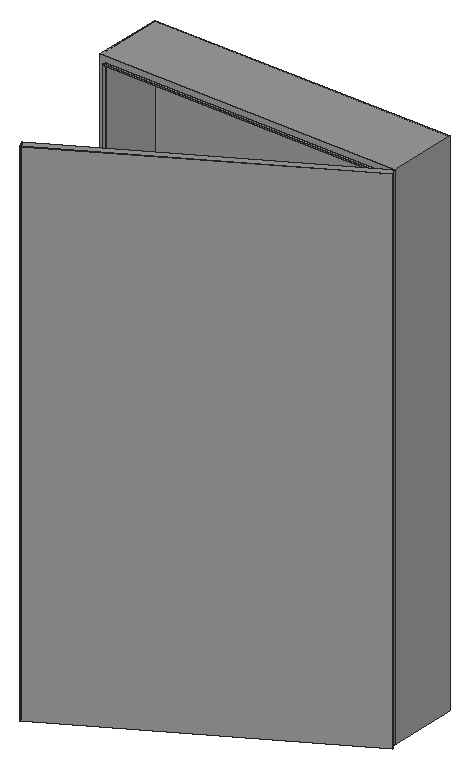
Revit family "Hager-Univers-IP54-D205-H1400-Cl.I-Encl-NoHosted-CH-en", category Equipement électrique, Revit 2020
Family settings
  Configuration du panneau = Deux colonnes, circuits au sein
  Cote de connecteur circulaire = Utiliser le diamètre
  Type d'élément = Tableau de raccordement
  Basée sur le plan de construction = Oui
  Toujours verticalement = Oui
  Couper avec des vides une fois chargée = Non
  Partagée = Non
  Point de calcul de pièce = Non
Parameters (values of type "Surface mounted (plaster) IP54 W800 H1400 D205  - FP93TW2")
  Width Control [instance] = if([EF000008 - Width] > Min Width, [EF000008 - Width], Min Width)  # 800 mm
  Commentaires du type = [HG000003 - Range]  # "Univers"
  Thickness Door [instance] = if([EF009171 - Material plate thickness door/cover] > 3 mm, 3 mm, [EF009171 - Material plate thickness door/cover])  # 1 mm
  Seal Frame Offset [instance] = 17 mm  # constant formula
  Plinth Visibility [instance] = [HG000027 - Plinth height] > 0 mm  # no
  Min Width [instance] = 100 mm  # constant formula
  Min Depth [instance] = (2 * [EF009170 - Material plate thickness cabinet]) + 1 mm  # 3 mm
  Min Height [instance] = 100 mm  # constant formula
  Internal Frame Depth [instance] = (Door System Depth * 0.5)  # 9 mm
  Panel Name [instance] = ""  # (empty or 0)
  Model = ""
  HG000027 - Plinth height = 0 mm
  HG000026 - Floor standing = no
  HG000024 - Bottom section height = 600 mm
  HG000023 - Double section enclosure = no
  HG000016 - Door 3d visibility [instance] = yes
  HG000015 - Clearance visibility [instance] = no
  HG000014 - Door on the right [instance] = yes
  HG000013 - Door on the left [instance] = not([HG000014 - Door on the right])  # no
  HG000012 - Door swing angle [instance] = 30.00°
  HG000010 - Asymmetric doors = no
  HG000009 - Double swing door = no
  HG000006 - Flush mounted = no
  HG000004 - Manufacturer reference = "FP93TW2"
  HG000003 - Range = "Univers"
  HG000002 - With door or cover = yes
  Frame Offset Bottom [instance] = 10 mm  # constant formula
  Frame Offset [instance] = 15 mm  # constant formula
  EF015940 - Cover with overpressure release = no
  EF011959 - Degree of protection (NEMA) = ""
  EF009554 - Number of openings for flange plates = 6
  EF009212 - Cover model = "EV000116 - Closed"
  EF009171 - Material plate thickness door/cover = 1 mm
  EF009170 - Material plate thickness cabinet = 1 mm
  EF008873 - Nominal current (In) = 250 A
  EF007800 - Suitable for lightning protection = no
  EF006306 - With lock = no
  EF006244 - Transparent cover/door = no
  EF005474 - Degree of protection (IP) = "EV006419 - IP54"
  EF004464 - Type of door = "EV002646 - Single"
  EF004427 - Number of modules = 324
  EF004293 - Impact strength = "EV006815 - IK09"
  EF003532 - Suitable for outdoor use = no
  EF002950 - Width in number of modular spacings = 36
  EF001613 - Circuit integrity = "EV000494 - None"
  EF001596 - Material housing = "EV000179 - Steel"
  EF001131 - Internal depth = 130 mm
  EF001088 - Extension possible = yes
  EF000437 - Number of conduit inlets = 6
  EF000339 - Type of cover = "EV001012 - Cover"
  EF000266 - Number of rows = 9
  EF000218 - Built-in depth = 205 mm
  EF000118 - With mounting plate = no
  EF000116 - RAL-number = "9010"
  EF000049 - Depth = 205 mm
  EF000040 - Height = 1400 mm
  EF000008 - Width = 800 mm
  EF000007 - Colour = "EV000202 - White"
  EF000003 - Mounting method = "EV000384 - Surface mounted (plaster)"
  Door System Leaf Tolerance [instance] = 1.5 mm  # constant formula
  Door System Depth [instance] = 18 mm  # constant formula
  Door Height [instance] = Height Control - [HG000027 - Plinth height]  # 1400 mm
  Description = ""
  Default Elevation = 1219.2 mm
  Connector Offset [instance] = Height Control / 2  # 700 mm
  Fabricant = "Hager"  # constant formula
  Height Control [instance] = if([EF000040 - Height] > Min Height, [EF000040 - Height], Min Height)  # 1400 mm
  Depth Control [instance] = if([EF000049 - Depth] > Min Depth, [EF000049 - Depth], Min Depth)  # 205 mm
  Bottom Top Plate Trim [instance] = 1.5 mm  # constant formula
  Plinth height Ctrl [instance] = if([HG000027 - Plinth height] > 0 mm, [HG000027 - Plinth height], 12 mm)  # 12 mm
Types (5, lengths in mm): name | Width Control | HG000009 - Double swing door | HG000004 - Manufacturer reference | EF009554 - Number of openings for flange plates | EF004464 - Type of door | EF004427 - Number of modules | EF002950 - Width in number of modular spacings | EF000437 - Number of conduit inlets | EF000008 - Width
  Surface mounted (plaster) IP54 W1050 H1400 D205  - FP94TW2 | 1050 | no | "FP94TW2" | 8 | "EV003602 - Double" | 432 | 48 | 8 | 1050
  Surface mounted (plaster) IP54 W1300 H1400 D205  - FP95TW2 | 1300 | yes | "FP95TW2" | 10 | "EV003602 - Double" | 540 | 60 | 10 | 1300
  Surface mounted (plaster) IP54 W300 H1400 D205  - FP91TW2 | 300 | no | "FP91TW2" | 2 | "EV002646 - Single" | 108 | 12 | 2 | 300
  Surface mounted (plaster) IP54 W550 H1400 D205  - FP92TW2 | 550 | no | "FP92TW2" | 4 | "EV002646 - Single" | 216 | 24 | 4 | 550
  Surface mounted (plaster) IP54 W800 H1400 D205  - FP93TW2 | 800 | no | "FP93TW2" | 6 | "EV002646 - Single" | 324 | 36 | 6 | 800
Reference planes
  plane 1 "Center (Front/Back)": y = 0
  plane 2: z = 0
  plane 3 "Center (Left/Right)": x = 0
  plane 4: y = 0
  plane 5: y = 0
  plane 6: z = 0
  plane 7: x = -400
  plane 8: x = 400
  plane 9: x = 399
  plane 10: x = -399
  plane 11: z = 0
  plane 12: z = 1
  plane 13: y = -205
  plane 14: y = -1
  plane 15: x = 0
  plane 16: y = -187
  plane 17: y = -204
  plane 18: y = -186
  plane 19: x = -384
  plane 20: x = 384
  plane 21: z = 11
  plane 22: x = -383
  plane 23: x = 383
  plane 24: z = 0
  plane 25: z = 1400
  plane 26: z = 1400
  plane 27: z = 1384
  plane 28: z = 1399
Forms (mm)
  Extrusion 1, solid, material "Hager_Steel_RAL7035_Light_Grey", detail levels medium+fine
    sketch origin (-208.679, -4572, 0) x (-1, 0, 0) y (0, -1, 0)
      loop
        line (191.321, -4385) -> (-608.679, -4385) -> (-608.679, -4572) -> (191.321, -4572) -> (191.321, -4385)
    from 0 to 1400
  Extrusion 2, void
    sketch origin (-350.771, -205, 1219.2) x (1, 0, 0) y (0, 0, 1)
      loop
        line (-48.229, 179.8) -> (-48.229, -1218.2) -> (749.771, -1218.2) -> (749.771, 179.8) -> (-48.229, 179.8)
    from -19 to -204
  Extrusion 3, void
    sketch origin (-290.084, -187, 1219.2) x (1, 0, 0) y (0, 0, 1)
      loop
        line (-93.916, -1208.2) -> (674.084, -1208.2) -> (674.084, 164.8) -> (-93.916, 164.8) -> (-93.916, -1208.2)
    from 0 to -1
  Extrusion 4, solid, material "Hager_Steel_RAL7035_Light_Grey", visible <- "Plinth Visibility", detail levels medium+fine
    sketch origin (0, 0, 0) x (1, 0, 0) y (0, 1, 0)
      loop
        line (-400, 0) -> (-400, -187) -> (400, -187) -> (400, 0) -> (-400, 0)
    from 0 to 12 <- "Plinth height Ctrl"
  Extrusion 5, solid, material "Hager_Steel_RAL7035_Light_Grey", detail levels coarse
    sketch origin (0, 0, 0) x (1, 0, 0) y (0, 1, 0)
      loop
        line (-400, 0) -> (-400, -205) -> (400, -205) -> (400, 0) -> (-400, 0)
    from 0 to 1400 <- "Height Control"
  Sweep 6, void
    path in 3D
      loop
        line (-400, -187, 12) -> (400, -187, 12) -> (400, 0, 12) -> (-400, 0, 12) -> (-400, -187, 12)
    profile origin (-400, -93.5, 12) x (1, 0, 0) y (0, 0, 1)
      loop
        line (0, 0) -> (0, -1.5) -> (1.5, -1.5)
        arc (1.5, -1.5) -> (1.061, -0.439) -> (0, 0) r 1.5
  Extrusion 7, solid, material "Hager_Steel_RAL7035_Light_Grey", detail levels fine
    sketch origin (-400, -187, 0) x (1, 0, 0) y (0, 0, 1)
      loop
        line (16, 11) -> (784, 11) -> (784, 1384) -> (16, 1384) -> (16, 11)
      loop
        line (15, 10) -> (785, 10) -> (785, 1385) -> (15, 1385) -> (15, 10)
    from 0 to 9 <- "Internal Frame Depth"
Cuts and joins
  Extrusion 2, Extrusion 3 cuts Extrusion 1
  Sweep 6 cuts Extrusion 4
Lines and regions (mm)
  Masking region 1
    outline origin (0, 0, 0) x (1, 0, 0) y (0, 1, 0)
      loop
        line (-400, 0) -> (-400, -205) -> (400, -205) -> (400, 0) -> (-400, 0)
  Masking region 2, detail levels coarse
    outline origin (-290.084, -187, 1219.2) x (-1, 0, 0) y (0, 0, 1)
      loop
        line (-690.084, -1219.2) -> (109.916, -1219.2) -> (109.916, 180.8) -> (-690.084, 180.8) -> (-690.084, -1219.2)
  Masking region 3, detail levels coarse
    outline origin (0, 0, 0) x (0, 1, 0) y (0, 0, 1)
      loop
        line (0, 0) -> (0, 1400) -> (-205, 1400) -> (-205, 0) -> (0, 0)
  Masking region 4, visible <- "Plinth Visibility", detail levels medium+fine
    outline origin (0, 0, 0) x (0, 1, 0) y (0, 0, 1)
      loop
        line (-1.5, 12) -> (-185.5, 12)
        arc (-185.5, 12) -> (-185.939, 10.939) -> (-187, 10.5) r 1.5
        line (-187, 10.5) -> (-187, 0) -> (0, 0) -> (0, 10.5)
        arc (0, 10.5) -> (-1.061, 10.939) -> (-1.5, 12) r 1.5
  Masking region 5, detail levels medium+fine
    outline origin (0, 0, 594.038) x (0, 1, 0) y (0, 0, 1)
      loop
        line (0, -594.038) -> (0, 805.962) -> (-187, 805.962) -> (-187, -594.038) -> (0, -594.038)
  Masking region 6, detail levels medium+fine
    outline origin (-359.7, -187, 1211.883) x (-1, 0, 0) y (0, 0, 1)
      loop
        line (-759.7, -1211.883) -> (40.3, -1211.883) -> (40.3, 188.117) -> (-759.7, 188.117) -> (-759.7, -1211.883)
  Masking region 7, visible <- "Plinth Visibility", detail levels medium+fine
    outline origin (-320.334, -187, 1041.368) x (-1, 0, 0) y (0, 0, 1)
      loop
        line (-720.334, -1041.368) -> (79.666, -1041.368) -> (79.666, -1030.868)
        arc (79.666, -1030.868) -> (78.606, -1030.429) -> (78.166, -1029.368) r 1.5
        line (78.166, -1029.368) -> (-718.834, -1029.368)
        arc (-718.834, -1029.368) -> (-719.273, -1030.429) -> (-720.334, -1030.868) r 1.5
        line (-720.334, -1030.868) -> (-720.334, -1041.368)
  sketch lines
    curve 1: line (-400, 0, 12) -> (-400, -187, 12)
    curve 2: line (-400, -187, 12) -> (400, -187, 12)
    curve 3: line (400, 0, 12) -> (-400, 0, 12)
    curve 4: line (400, -187, 12) -> (400, 0, 12)
Dimensions and locks
  locked: plane 1 "Center (Front/Back)" to plane 5
  "EF009170 - Material plate thickness cabinet": plane 7 to plane 10
  "EF009170 - Material plate thickness cabinet": plane 8 to plane 9
  equal spacing: plane 7, plane 3 "Center (Left/Right)", plane 8
  "Width Control": plane 7 to plane 8
  "Depth Control": plane 4 to plane 13
  "EF009170 - Material plate thickness cabinet": plane 4 to plane 14
  "Height Control": plane 25 to level
  "HG000027 - Plinth height": plane 11 to level
  "EF009170 - Material plate thickness cabinet": plane 12 to plane 11
  "EF009170 - Material plate thickness cabinet": plane 17 to plane 13
  "EF009170 - Material plate thickness cabinet": plane 18 to plane 16
  "Frame Offset Bottom": plane 21 to plane 12
  "Frame Offset": plane 10 to plane 19
  "Frame Offset": plane 9 to plane 20
  "Door System Depth": plane 16 to plane 13
  "Seal Frame Offset": plane 7 to plane 22
  "Seal Frame Offset": plane 8 to plane 23
  "EF009170 - Material plate thickness cabinet": plane 26 to plane 28
  "Frame Offset": plane 28 to plane 27
  "Connector Offset": plane 2 to connector elem
  "Bottom Top Plate Trim": profile plane to Sweep 6 sketch curve
  "Bottom Top Plate Trim": Sweep 6 sketch curve to Sweep 6 sketch curve
  "Plinth height Ctrl": Masking region 4 sketch curve to level
  "Plinth height Ctrl": Masking region 7 sketch curve to level
  "Thickness Door": Extrusion 7 sketch curve to Extrusion 7 sketch curve  (x4)
  "Bottom Top Plate Trim": radius of Sweep 6 sketch curve
  "Bottom Top Plate Trim": radius of Masking region 4 sketch curve  (x2)
  "Bottom Top Plate Trim": radius of Masking region 7 sketch curve  (x2)
  aligned and locked: Extrusion 2 sketch curve to plane 12
  aligned and locked: Extrusion 2 sketch curve to plane 9
  aligned and locked: Extrusion 2 sketch curve to plane 10
  aligned and locked: Extrusion 2 to plane 14
  aligned and locked: Extrusion 1 sketch curve to plane 4
  aligned and locked: plane 8 to Extrusion 1 sketch curve
  aligned and locked: plane 7 to Extrusion 1 sketch curve
  aligned and locked: Extrusion 2 to plane 18
  aligned and locked: Extrusion 3 sketch curve to plane 19
  aligned and locked: plane 20 to Extrusion 3 sketch curve
  aligned and locked: Extrusion 3 to Extrusion 2
  aligned and locked: Extrusion 3 sketch curve to plane 21
  aligned and locked: plane 3 "Center (Left/Right)" to nested 1
  aligned and locked: Extrusion 1 sketch curve to plane 16
  aligned and locked: Extrusion 4 sketch curve to cut or joined group of Extrusion 1, Extrusion 2, Extrusion 3
  aligned and locked: Masking region 1 sketch curve to plane 7
  aligned and locked: Masking region 1 sketch curve to plane 5
  aligned and locked: Masking region 1 sketch curve to plane 8
  aligned and locked: Masking region 2 sketch curve to level
  aligned and locked: level to Masking region 3 sketch curve
  aligned and locked: plane 1 "Center (Front/Back)" to Masking region 3 sketch curve
  aligned and locked: plane 13 to Masking region 3 sketch curve
  aligned and locked: plane 5 to Masking region 4 sketch curve
  aligned and locked: Masking region 2 sketch curve to plane 8
  aligned and locked: Masking region 2 sketch curve to plane 7
  aligned and locked: plane 7 to nested 2
  aligned and locked: nested 2 to plane 5
  aligned and locked: plane 5 to Masking region 5 sketch curve
  aligned and locked: plane 26 to Masking region 5 sketch curve
  aligned and locked: Extrusion 5 sketch curve to plane 8
  aligned and locked: Extrusion 5 sketch curve to plane 7
  aligned and locked: Extrusion 5 sketch curve to plane 5
  aligned and locked: Extrusion 3 sketch curve to plane 27
  aligned and locked: Extrusion 2 sketch curve to plane 28
  aligned and locked: Masking region 2 to plane 25
  aligned and locked: Extrusion 4 to plane 16
  aligned and locked: profile plane to Sweep 6 sketch curve
  aligned and locked: Masking region 5 sketch curve to plane 24
  aligned and locked: level to Masking region 4 sketch curve
  aligned and locked: Masking region 1 to plane 13
  aligned and locked: nested 1 to plane 16
  aligned and locked: Masking region 3 to plane 25
  aligned and locked: plane 16 to Masking region 4 sketch curve
  aligned and locked: Masking region 5 sketch curve to plane 16
  aligned and locked: plane 24 to plane 11
  aligned and locked: plane 26 to plane 25
  aligned and locked: plane 26 to cut or joined group of Extrusion 1, Extrusion 2, Extrusion 3
  aligned and locked: nested 1 to plane 24
  aligned and locked: Extrusion 1 to Extrusion 3
  aligned and locked: Masking region 6 sketch curve to plane 8
  aligned and locked: Masking region 6 sketch curve to plane 24
  aligned and locked: Masking region 6 sketch curve to plane 7
  aligned and locked: Masking region 6 sketch curve to plane 26
  aligned and locked: Masking region 7 sketch curve to plane 7
  aligned and locked: level to Masking region 7 sketch curve
  aligned and locked: Masking region 7 sketch curve to plane 8
  aligned and locked: Extrusion 7 sketch curve to cut or joined group of Extrusion 1, Extrusion 2, Extrusion 3  (x4)
Automatic sketch dimensions
  plane 19 to Extrusion 3 sketch curve = 0 mm
  Extrusion 3 sketch curve to plane 20 = 0 mm
  Extrusion 3 sketch curve to plane 21 = 0 mm
  Extrusion 4 sketch curve to plane 7 = 0 mm
  Extrusion 4 sketch curve to plane 8 = 0 mm
  Extrusion 4 sketch curve to plane 16 = 0 mm
  Masking region 1 sketch curve to plane 13 = 0 mm
  Masking region 2 sketch curve to plane 25 = 0 mm
  Masking region 3 sketch curve to plane 25 = 0 mm
  Extrusion 5 sketch curve to plane 13 = 0 mm
  profile plane to Sweep 6 sketch curve = 0 mm
Nested families
  nested 1: "EC000058_Univers_Door" at (0, -187, 0), Double <- "HG000009 - Double swing door", Transparent <- "EF006244 - Transparent cover/door", Angle <- "HG000012 - Door swing angle", Door_Right <- "HG000014 - Door on the right", Assymetrical <- "HG000010 - Asymmetric doors", Door <- "HG000002 - With door or cover", Width_Ctrl <- "Width Control", 3d_Door <- "HG000016 - Door 3d visibility", Clearance <- "HG000015 - Clearance visibility", Door_Left <- "HG000013 - Door on the left", Width <- "Width Control", Door_Depth <- "Door System Depth", Leaf_Tolerance <- "Door System Leaf Tolerance", Height <- "Door Height", Lock_Visibility <- "EF006306 - With lock", Thickness <- "Thickness Door", type "EC000058_Univers_Door", detail levels medium+fine
    with min_wh 3 mm, Width_Ctrl 800 mm, Width 800 mm, Transparent no, Thickness 1 mm, Seal_Material Hager_Rubber, Lock_Visibility no, Lock_Material Hager_Plastic_RAL9005_Jet_Black, Leaf_Width 800 mm, Leaf_Tolerance_External_Sides 0 mm, Leaf_Tolerance 1.5 mm, Leaf_Offset 0 mm, Leaf_Height 1397 mm, Leaf_2_Width 800 mm, Leaf_2_Offset 400 mm, Leaf_1_Width 800 mm, Leaf_1_Offset 400 mm, Height_Ctrl 1400 mm, Height 1400 mm, Glass_Material Hager_Glass, Double_Clearance_Ctrl no, Double no, Door_Right_Ctrl yes, Door_Right yes, Door_Material Hager_Steel_RAL7035_Light_Grey, Door_Left_Ctrl no, Door_Left no, Door_Depth 18 mm, Door yes, Clearance_Material Hager_Clearance, Clearance_Depth 800 mm, Clearance_Ctrl no, Clearance no, Assymetrical no, Angle 30.00°, 3d_Door yes
  nested 2: "Hager_Enclosure_Symbol" at (-400, 0, 0), Height <- "Depth Control", Width <- "Width Control", type "Hager_Enclosure_Symbol"
    with Width_Ctrl 800 mm, Width 800 mm, Height_Ctrl 205 mm, Height 205 mm, A_Width_Int 13.453 mm, A_Width 161.438 mm, A_Height_Ctrl 179.375 mm, A_Height 179.375 mm
Connectors
  electrical at (0, 0, 700)
    settings: on plane 1 "Center (Front/Back)", index 1, voltage 0 V, apparent load 0 VA, apparent load phase1 0 VA, apparent load phase2 0 VA, apparent load phase3 0 VA, power factor 1, load classification "Other", number of poles 1, system type 30, power factor state 1, is connector primary yes, connector utility no, sub classification motor no, connector description ""
Definition of nested family "EC000058_Univers_Door"
  Parameters (values of type "EC000058_Univers_Door")
    min_wh [instance] = (2 * Thickness) + 1 mm  # 11 mm
    Width_Ctrl [instance] = 400 mm
    Width [instance] = 500 mm
    Transparent [instance] = yes
    Thickness [instance] = 5 mm
    Seal_Material [instance] = none
    Lock_Visibility [instance] = yes
    Lock_Material [instance] = none
    Leaf_Width [instance] = if((Width_Ctrl - 2 * Leaf_Tolerance_External_Sides) > 0 mm, (Width_Ctrl - 2 * Leaf_Tolerance_External_Sides), min_wh)  # 400 mm
    Leaf_Tolerance_External_Sides [instance] = 0 mm  # constant formula
    Leaf_Tolerance [instance] = 1.5 mm
    Leaf_Offset [instance] = 0 mm  # constant formula
    Leaf_Height [instance] = if((Height_Ctrl - 2 * Leaf_Tolerance) > 0 mm, (Height_Ctrl - 2 * Leaf_Tolerance), min_wh)  # 497 mm
    Leaf_2_Width [instance] = if(and(and(Double, Assymetrical), Door_Left), (Leaf_Width / 3) - (Leaf_Tolerance / 2), if(and(and(Double, Assymetrical), Door_Right), (Leaf_Width / 3) * 2 - (Leaf_Tolerance / 2), if(and(Double, not(Assymetrical)), (Leaf_Width / 2) - Leaf_Tolerance, Leaf_Width)))  # 400 mm
    Leaf_2_Offset [instance] = if(and(Double, Assymetrical), Leaf_2_Width / 2, if(and(Double, not(Assymetrical)), Leaf_Width / 4, Leaf_Width / 2))  # 200 mm
    Leaf_1_Width [instance] = if(and(and(Double, Assymetrical), Door_Right), (Leaf_Width / 3) - (Leaf_Tolerance / 2), if(and(and(Double, Assymetrical), Door_Left), (Width / 3) * 2 - (Leaf_Tolerance / 2), if(and(Double, not(Assymetrical)), (Leaf_Width / 2) - Leaf_Tolerance, Leaf_Width)))  # 400 mm
    Leaf_1_Offset [instance] = if(and(Double, Assymetrical), Leaf_1_Width / 2, if(and(Double, not(Assymetrical)), Leaf_Width / 4, Leaf_Width / 2))  # 200 mm
    Height_Ctrl [instance] = if(Height > min_wh, Height, min_wh)  # 500 mm
    Height [instance] = 500 mm
    Glass_Material [instance] = none
    Double_Clearance_Ctrl [instance] = and(Double, Clearance)  # no
    Double [instance] = no
    Door_Right_Ctrl [instance] = and(or(Door_Right, Double), Door)  # yes
    Door_Right [instance] = yes
    Door_Material [instance] = none
    Door_Left_Ctrl [instance] = and(or(Door_Left, Double), Door)  # no
    Door_Left [instance] = no
    Door_Depth [instance] = 30 mm
    Door [instance] = yes
    Default Elevation = 1219.2 mm
    Clearance_Material [instance] = none
    Clearance_Depth [instance] = if(Leaf_1_Width > Leaf_2_Width, Leaf_1_Width, Leaf_2_Width)  # 400 mm
    Clearance_Ctrl [instance] = and(not(Double), Clearance)  # yes
    Clearance [instance] = yes
    Assymetrical [instance] = yes
    Angle [instance] = 30.00°
    3d_Door [instance] = yes
  Reference planes
    plane 1 "Center (Front/Back)": y = 0
    plane 2 "Bottom": z = 0
    plane 3 "Center (Left/Right)": x = 0
    plane 4: z = 500
    plane 5: x = -200
    plane 6: x = 200
    plane 7: z = 500
    plane 8: x = -200
    plane 9: z = 0
    plane 10: x = 200
    plane 11: y = 0
    plane 12: z = 1.5
    plane 13: x = -600
    plane 14: y = -400
    plane 15: x = 600
    plane 16: x = 0
    plane 17: x = 0
    plane 18: x = -200
    plane 19: x = 200
    plane 20: z = 498.5
  Forms (mm)
    Extrusion 1, solid, material <- "Clearance_Material", visible <- "Double_Clearance_Ctrl"
      sketch origin (1200, 0, 0) x (1, 0, 0) y (0, 0, -1)
        loop
          line (-1800, -498.5) -> (-600, -498.5) -> (-600, 0) -> (-1800, 0) -> (-1800, -498.5)
      from 0 to -400
  Dimensions and locks
    equal spacing: plane 5, plane 3 "Center (Left/Right)", plane 6
    "Width_Ctrl": plane 5 to plane 6
    "Leaf_Offset": plane 5 to plane 8
    "Leaf_Offset": plane 6 to plane 10
    "Leaf_Offset": plane 9 to level
    "Leaf_Offset": plane 4 to plane 7
    "Height_Ctrl": plane 4 to level
    "Leaf_Tolerance": plane 12 to plane 9
    locked: plane 11 to plane 1 "Center (Front/Back)"
    "Leaf_1_Offset": plane 18 to plane 16
    "Leaf_2_Offset": plane 17 to plane 19
    "Leaf_1_Width": plane 13 to plane 8
    "Leaf_2_Width": plane 10 to plane 15
    "Clearance_Depth": plane 14 to plane 1 "Center (Front/Back)"
    "Leaf_Tolerance_External_Sides": plane 8 to plane 18
    "Leaf_Tolerance_External_Sides": plane 19 to plane 10
    "Leaf_Tolerance": plane 7 to plane 20
    aligned and locked: level to plane 2 "Bottom"
    aligned and locked: nested 1 to plane 16
    aligned and locked: nested 2 to plane 17
    aligned and locked: Extrusion 1 to plane 13
    aligned and locked: plane 15 to Extrusion 1
    aligned and locked: Extrusion 1 to plane 14
    aligned and locked: plane 12 to nested 1
    aligned and locked: nested 2 to plane 12
    aligned and locked: Extrusion 1 to plane 11
    aligned and locked: plane 20 to Extrusion 1
    aligned and locked: nested 2 to plane 11
    aligned and locked: nested 1 to plane 11
  Automatic sketch dimensions
    Extrusion 1 sketch curve to level = 0 mm
    plane 5 to Extrusion 1 sketch curve = 400 mm
    plane 6 to Extrusion 1 sketch curve = 400 mm
    Extrusion 1 sketch curve to plane 4 = 1.5 mm
  Nested families
    nested 1: "EC000058_Univers_Door_Leaf" at (0, 0, 1.5), Width <- "Leaf_1_Width", visible <- "Door_Left_Ctrl", Leaf_Height <- "Leaf_Height", Angle <- "Angle", 3d_Door <- "3d_Door", Transparent <- "Transparent", Clearance Material <- "Clearance_Material", Clearance <- "Clearance_Ctrl", Door_Material <- "Door_Material", Glass_Material <- "Glass_Material", Door_Depth <- "Door_Depth", Lock_Material <- "Lock_Material", Seal_Material <- "Seal_Material", Lock_Visibility <- "Lock_Visibility", Thickness <- "Thickness", type "EC000058_Univers_Door_Leaf"
      with Width 400 mm, Transparent_Glass_Offset 30 mm, Transparent_Ctrl yes, Transparent yes, Thickness 5 mm, Standard no, Seal_Material none, Seal_D2 8 mm, Seal_D1 1 mm, Offset_Internal_Frame 10 mm, Lock_Width 20 mm, Lock_Visibility_3d yes, Lock_Visibility yes, Lock_Thickness_3 3 mm, Lock_Thickness_2 1 mm, Lock_Thickness_1 3 mm, Lock_Radius_Offset_2 16 mm, Lock_Radius_Offset_1 15 mm, Lock_Radius_2 5 mm, Lock_Radius 6 mm, Lock_Offset 5 mm, Lock_Material none, Lock_Height 80 mm, Lock_Cover_Top_Offset_2d 17 mm, Lock_Cover_Height -65 mm, Leaf_Height 497 mm, Internal_Seal_Thickness 8 mm, Internal_Seal_Depth_2 4.5 mm, Internal_Frame_Depth 25 mm, Glass_Thickness -1 mm, Glass_Offset -2 mm, Glass_Material none, Door_Material none, Door_Depth 30 mm, Clearance Material none, Clearance yes, Angle_Ctrl 30.00°, Angle 30.00°, 3d_Door yes
    nested 2: "EC000058_Univers_Door_Leaf" at (0, 0, 1.5) x (-1, 0, 0) z (0, 0, 1), Width <- "Leaf_2_Width", visible <- "Door_Right_Ctrl", Leaf_Height <- "Leaf_Height", Angle <- "Angle", 3d_Door <- "3d_Door", Transparent <- "Transparent", Clearance Material <- "Clearance_Material", Clearance <- "Clearance_Ctrl", Door_Material <- "Door_Material", Glass_Material <- "Glass_Material", Door_Depth <- "Door_Depth", Lock_Material <- "Lock_Material", Seal_Material <- "Seal_Material", Lock_Visibility <- "Lock_Visibility", Thickness <- "Thickness", type "EC000058_Univers_Door_Leaf"
      with Width 400 mm, Transparent_Glass_Offset 30 mm, Transparent_Ctrl yes, Transparent yes, Thickness 5 mm, Standard no, Seal_Material none, Seal_D2 8 mm, Seal_D1 1 mm, Offset_Internal_Frame 10 mm, Lock_Width 20 mm, Lock_Visibility_3d yes, Lock_Visibility yes, Lock_Thickness_3 3 mm, Lock_Thickness_2 1 mm, Lock_Thickness_1 3 mm, Lock_Radius_Offset_2 16 mm, Lock_Radius_Offset_1 15 mm, Lock_Radius_2 5 mm, Lock_Radius 6 mm, Lock_Offset 5 mm, Lock_Material none, Lock_Height 80 mm, Lock_Cover_Top_Offset_2d 17 mm, Lock_Cover_Height -65 mm, Leaf_Height 497 mm, Internal_Seal_Thickness 8 mm, Internal_Seal_Depth_2 4.5 mm, Internal_Frame_Depth 25 mm, Glass_Thickness -1 mm, Glass_Offset -2 mm, Glass_Material none, Door_Material none, Door_Depth 30 mm, Clearance Material none, Clearance yes, Angle_Ctrl 30.00°, Angle 30.00°, 3d_Door yes
  Definition of nested family "EC000058_Univers_Door_Leaf"
    Parameters (values of type "EC000058_Univers_Door_Leaf")
      Width [instance] = 2000 mm
      Transparent_Glass_Offset [instance] = 30 mm
      Transparent_Ctrl [instance] = and(Transparent, [3d_Door])  # yes
      Transparent [instance] = yes
      Thickness [instance] = 5 mm
      Standard [instance] = and(not(Transparent), [3d_Door])  # no
      Seal_Material [instance] = none
      Seal_D2 [instance] = 8 mm  # constant formula
      Seal_D1 [instance] = 1 mm  # constant formula
      Offset_Internal_Frame [instance] = 10 mm  # constant formula
      Lock_Width [instance] = 20 mm  # constant formula
      Lock_Visibility_3d [instance] = and(Lock_Visibility, [3d_Door])  # yes
      Lock_Visibility [instance] = yes
      Lock_Thickness_3 [instance] = 3 mm  # constant formula
      Lock_Thickness_2 [instance] = 1 mm  # constant formula
      Lock_Thickness_1 [instance] = 3 mm  # constant formula
      Lock_Radius_Offset_2 [instance] = Lock_Radius_Offset_1 + 1 mm  # 16 mm
      Lock_Radius_Offset_1 [instance] = 15 mm  # constant formula
      Lock_Radius_2 [instance] = Lock_Radius - 1 mm  # 5 mm
      Lock_Radius [instance] = 6 mm  # constant formula
      Lock_Offset [instance] = 5 mm  # constant formula
      Lock_Material [instance] = none
      Lock_Height [instance] = 80 mm  # constant formula
      Lock_Cover_Top_Offset_2d [instance] = Lock_Radius_Offset_2 + 1 mm  # 17 mm
      Lock_Cover_Height [instance] = -(Lock_Height - Lock_Radius_Offset_1)  # -65 mm
      Leaf_Height [instance] = 2720.336 mm
      Internal_Seal_Thickness [instance] = 8 mm  # constant formula
      Internal_Seal_Depth_2 [instance] = 4.5 mm  # constant formula
      Internal_Frame_Depth [instance] = if(Door_Depth - Thickness > 5 mm, Door_Depth - Thickness, 5 mm)  # 25 mm
      Glass_Thickness [instance] = if(Thickness > 15 mm, Glass_Offset + 10 mm, -1 mm)  # -1 mm
      Glass_Offset [instance] = if(Thickness > 15 mm, -(Thickness + 10 mm) / 2, -2 mm)  # -2 mm
      Glass_Material [instance] = none
      Door_Material [instance] = none
      Door_Depth [instance] = 30 mm
      Default Elevation = 0 mm
      Clearance Material [instance] = none
      Clearance [instance] = yes
      Angle_Ctrl [instance] = if(Angle > 180.00°, 180.00°, Angle)  # 90.00°
      Angle [instance] = 90.00°
      3d_Door [instance] = yes
    Reference planes
      plane 1 "Center (Front/Back)": y = 0
      plane 2: z = 0
      plane 3 "Center (Left/Right)": x = 0
      plane 4: y = 2000
      plane 5: x = -1000
      plane 6: x = 1000
      plane 7: x = -3000
      plane 8: z = 2720.336
      plane 9: z = 30
      plane 10: z = 2690.336
      plane 11: x = 970
      plane 12: x = -970
      plane 13: y = -3
      plane 14: z = 107.833
      plane 15: y = -5
      plane 16: y = -223.314
      plane 17: x = -1000
      plane 18: z = 1360.168
      plane 19: y = 30
    Forms (mm)
      Extrusion 1, solid, material <- "Clearance Material", visible <- "Clearance"
        sketch origin (0, 0, 0) x (1, 0, 0) y (0, 0, 1)
          loop
            line (-3000, 2720.336) -> (-3000, 0) -> (1000, 0) -> (1000, 2720.336) -> (-3000, 2720.336)
        from 0 to -2000
      Extrusion 2, solid, material <- "Door_Material", visible <- "Standard", detail levels medium+fine
        sketch origin (-1000, 0, 0) x (0, 1, 0) y (-1, 0, 0)
          loop
            line (0, 30) -> (0, 25) -> (2000, 25) -> (2000, 30) -> (0, 30)
        from 0 to 2720.336 <- "Leaf_Height"
      Extrusion 3, solid, material <- "Door_Material", visible <- "Transparent_Ctrl", detail levels medium+fine
        sketch origin (-1000, 0, 0) x (0, 1, 0) y (-1, 0, 0)
          loop
            line (0, 25) -> (2000, 25) -> (2000, 30) -> (0, 30) -> (0, 25)
        from 0 to 2720.336 <- "Leaf_Height"
      Extrusion 4, void
        sketch origin (-1025, 2000, 0) x (0, 1, 0) y (0, 0, -1)
          loop
            line (-30, -2690.336) -> (-30, -30) -> (-1970, -30) -> (-1970, -2690.336) -> (-30, -2690.336)
        from 0 to 5 <- "Thickness"
      Sweep 5, solid, material <- "Seal_Material", visible <- "Transparent_Ctrl", detail levels fine
        path in 3D
          loop
            line (-1025, 30, 30) -> (-1025, 30, 2690.336) -> (-1025, 1970, 2690.336) -> (-1025, 1970, 30) -> (-1025, 30, 30)
        profile origin (-1025, 1000, 30) x (1, 0, 0) y (0, 0, 1)
          loop
            line (0, 0) -> (0, -8) -> (1, -8) -> (1, 0) -> (0, 0)
      Extrusion 6, solid, material <- "Glass_Material", visible <- "Transparent_Ctrl", detail levels medium+fine
        sketch origin (-1030, 0, 0) x (0, 1, 0) y (0, 0, -1)
          loop
            line (1970, -2690.336) -> (1970, -30) -> (30, -30) -> (30, -2690.336) -> (1970, -2690.336)
        from -2 <- "Glass_Offset" to -1 <- "Glass_Thickness"
      Extrusion 7, solid, material <- "Door_Material", visible <- "3d_Door", detail levels medium+fine
        sketch origin (-1025, 2000, 0) x (0, -1, 0) y (0, 0, -1)
          loop
            line (0, -2720.336) -> (2000, -2720.336) -> (2000, 0) -> (0, 0) -> (0, -2720.336)
          loop
            line (1995, -5) -> (5, -5) -> (5, -2715.336) -> (1995, -2715.336) -> (1995, -5)
        from 0 to 25 <- "Internal_Frame_Depth"
      Sweep 8, solid, material <- "Seal_Material", visible <- "Transparent_Ctrl", detail levels fine
        path in 3D
          loop
            line (-1025, 0, 0) -> (-1025, 2000, 0) -> (-1025, 2000, 2720.336) -> (-1025, 0, 2720.336) -> (-1025, 0, 0)
        profile origin (-1025, 0, 1360.168) x (1, 0, 0) y (0, 1, 0)
          loop
            line (0, 10) -> (2.975, 10)
            arc (2.975, 10) -> (4.053, 10.447) -> (4.5, 11.525) r 1.525
            line (4.5, 11.525) -> (4.5, 16.527)
            arc (4.5, 16.527) -> (4.069, 17.569) -> (3.027, 18) r 1.473
            line (3.027, 18) -> (0, 18) -> (0, 10)
      Extrusion 9, solid, material <- "Lock_Material", visible <- "Lock_Visibility_3d", detail levels fine
        sketch origin (-1030, 0, 0) x (0, 1, 0) y (0, 0, -1)
          loop
            arc (1993.5, -1400.168) -> (1994.561, -1399.729) -> (1995, -1398.668) r 1.5
            line (1995, -1398.668) -> (1995, -1320.168) -> (1975, -1320.168) -> (1975, -1398.668)
            arc (1975, -1398.668) -> (1975.439, -1399.729) -> (1976.5, -1400.168) r 1.5
            line (1976.5, -1400.168) -> (1993.5, -1400.168)
        from 3 <- "Lock_Thickness_1" to 0
      Blend 10, solid, material <- "Lock_Material", visible <- "Lock_Visibility_3d", detail levels fine
        base sketch origin (-1033, 0, 0) x (0, 1, 0) y (0, 0, -1)
          loop
            line (1975, -1320.168) -> (1975, -1398.668)
            arc (1975, -1398.668) -> (1975.439, -1399.729) -> (1976.5, -1400.168) r 1.5
            line (1976.5, -1400.168) -> (1993.5, -1400.168)
            arc (1993.5, -1400.168) -> (1994.561, -1399.729) -> (1995, -1398.668) r 1.5
            line (1995, -1398.668) -> (1995, -1320.168) -> (1975, -1320.168)
        top sketch origin (-1033, 0, 0) x (0, 1, 0) y (0, 0, -1)
          loop
            line (1976, -1320.168) -> (1976, -1398.668)
            arc (1976, -1398.668) -> (1976.146, -1399.022) -> (1976.5, -1399.168) r 0.5
            line (1976.5, -1399.168) -> (1993.5, -1399.168)
            arc (1993.5, -1399.168) -> (1993.854, -1399.022) -> (1994, -1398.668) r 0.5
            line (1994, -1398.668) -> (1994, -1320.168) -> (1976, -1320.168)
        from 0 to 1 <- "Lock_Thickness_2"
      Blend 11, solid, material <- "Lock_Material", visible <- "Lock_Visibility_3d", detail levels fine
        base sketch origin (-1034, 0, 0) x (0, 1, 0) y (0, 0, -1)
          loop
            line (1978, -1320.168) -> (1978, -1384.168)
            arc (1978, -1384.168) -> (1985, -1391.168) -> (1992, -1384.168) r 7
            line (1992, -1384.168) -> (1992, -1320.168) -> (1978, -1320.168)
        top sketch origin (-1034, 0, 0) x (0, 1, 0) y (0, 0, -1)
          loop
            line (1991, -1320.168) -> (1979, -1320.168) -> (1979, -1383.168)
            arc (1979, -1383.168) -> (1985, -1389.168) -> (1991, -1383.168) r 6
            line (1991, -1383.168) -> (1991, -1320.168)
        from 0 to 3 <- "Lock_Thickness_3"
      Extrusion 12, solid, material <- "Lock_Material", visible <- "Lock_Visibility_3d", detail levels fine
        sketch origin (-1030, 1975, 1320.168) x (1, 0, 0) y (0, -1, 0)
          loop
            line (-7, -19) -> (-7, -1) -> (0, -1) -> (0, 0) -> (-8, 0) -> (-8, -20) -> (0, -20) -> (0, -19) -> (-7, -19)
        from 0 to -65 <- "Lock_Cover_Height"
      Extrusion 13, void
        sketch origin (-1038, 1995, 1320.168) x (-1, 0, 0) y (0, 0, -1)
          loop
            line (-5, -65) -> (0, -65) -> (-5, -60) -> (-5, -65)
        from 0 to 20 <- "Lock_Width"
      Extrusion 14, void
        sketch origin (-1038, 1975, 1320.168) x (0, -1, 0) y (0, 0, -1)
          loop
            circle (-10, -15.995) r 6
          loop
            circle (-10, -15.995) r 5
        from 0 to 2
      Extrusion 15, solid, material <- "Lock_Material", visible <- "Lock_Visibility_3d", detail levels medium
        sketch origin (-1030, 0, 0) x (0, 1, 0) y (0, 0, -1)
          loop
            arc (1993.5, -1400.168) -> (1994.561, -1399.729) -> (1995, -1398.668) r 1.5
            line (1995, -1398.668) -> (1995, -1320.168) -> (1975, -1320.168) -> (1975, -1398.668)
            arc (1975, -1398.668) -> (1975.439, -1399.729) -> (1976.5, -1400.168) r 1.5
            line (1976.5, -1400.168) -> (1993.5, -1400.168)
        from 8 to 0
    Cuts and joins
      Extrusion 4 cuts Extrusion 3
      Extrusion 13, Extrusion 14 cuts Extrusion 9
      Extrusion 14 cuts Blend 11
      Extrusion 13, Extrusion 14 cuts Extrusion 12
      joined: Extrusion 9, Blend 10, Blend 11, Extrusion 12
      Extrusion 14 cuts Extrusion 15
    Lines and regions (mm)
      Masking region 1, visible <- "Lock_Visibility", detail levels fine
        outline origin (0, 0, 0) x (0, 1, 0) y (0, 0, 1)
          loop
            line (30, 1320.168) -> (33, 1320.168) -> (33, 1400.168) -> (30, 1400.168) -> (30, 1320.168)
      Masking region 2, visible <- "Lock_Visibility", detail levels fine
        outline origin (0, 3.143, 0) x (0, 1, 0) y (0, 0, 1)
          loop
            line (29.857, 1354.168) -> (30.857, 1354.168) -> (30.857, 1366.168) -> (29.857, 1366.168) -> (29.857, 1354.168)
      Masking region 3, detail levels medium+fine
        outline origin (0, 0, 0) x (0, 1, 0) y (0, 0, 1)
          loop
            line (0, 0) -> (30, 0) -> (30, 2720.336) -> (0, 2720.336) -> (0, 0)
      Masking region 4, detail levels medium+fine
        outline origin (0, 0, 0) x (1, 0, 0) y (0, 0, 1)
          loop
            line (-1000, 2720.336) -> (-1000, 0) -> (1000, 0) -> (1000, 2720.336) -> (-1000, 2720.336)
      Masking region 5, visible <- "Lock_Visibility", detail levels fine
        outline origin (-47.116, 0, 0) x (1, 0, 0) y (0, 0, 1)
          loop
            arc (1024.616, 1399.168) -> (1023.556, 1398.729) -> (1023.116, 1397.668) r 1.5
            line (1023.116, 1397.668) -> (1023.116, 1320.168) -> (1041.116, 1320.168) -> (1041.116, 1397.668)
            arc (1041.116, 1397.668) -> (1040.677, 1398.729) -> (1039.616, 1399.168) r 1.5
            line (1039.616, 1399.168) -> (1024.616, 1399.168)
      Masking region 6, visible <- "Lock_Visibility", detail levels medium+fine
        outline origin (-25, 0, 0) x (1, 0, 0) y (0, 0, 1)
          loop
            arc (1001.5, 1400.168) -> (1000.439, 1399.729) -> (1000, 1398.668) r 1.5
            line (1000, 1398.668) -> (1000, 1320.168) -> (1020, 1320.168) -> (1020, 1398.668)
            arc (1020, 1398.668) -> (1019.561, 1399.729) -> (1018.5, 1400.168) r 1.5
            line (1018.5, 1400.168) -> (1001.5, 1400.168)
      Masking region 7, visible <- "Lock_Visibility", detail levels fine
        outline origin (-73.735, 0, 0) x (1, 0, 0) y (0, 0, 1)
          loop
            line (1051.735, 1382.168) -> (1065.735, 1382.168) -> (1065.735, 1384.168)
            arc (1065.735, 1384.168) -> (1058.735, 1391.168) -> (1051.735, 1384.168) r 7
            line (1051.735, 1384.168) -> (1051.735, 1382.168)
      Masking region 8, visible <- "Lock_Visibility", detail levels fine
        outline origin (-73.735, 0, 0) x (1, 0, 0) y (0, 0, 1)
          loop
            line (1052.735, 1382.168) -> (1064.735, 1382.168) -> (1064.735, 1383.168)
            arc (1064.735, 1383.168) -> (1058.735, 1389.168) -> (1052.735, 1383.168) r 6
            line (1052.735, 1383.168) -> (1052.735, 1382.168)
      Masking region 9, visible <- "Lock_Visibility", detail levels fine
        outline origin (-25, 0, 0) x (1, 0, 0) y (0, 0, 1)
          loop
            line (1020, 1320.168) -> (1020, 1382.168) -> (1000, 1382.168) -> (1000, 1320.168) -> (1020, 1320.168)
      Masking region 10, detail levels medium+fine
        outline origin (0, 0, 0) x (1, 0, 0) y (0, 0, 1)
          loop
            circle (985, 1335.144) r 6
      Masking region 11, detail levels fine
        outline origin (0, 0, 0) x (1, 0, 0) y (0, 0, 1)
          loop
            circle (985, 1335.144) r 5
      Masking region 12, visible <- "Lock_Visibility", detail levels fine
        outline origin (0, 12.767, 0) x (0, 1, 0) y (0, 0, 1)
          loop
            line (20.233, 1320.168) -> (21.233, 1320.168) -> (21.233, 1399.168) -> (20.233, 1400.168) -> (20.233, 1320.168)
      Masking region 13, visible <- "Lock_Visibility", detail levels fine
        outline origin (0, 13.767, -10) x (0, 1, 0) y (0, 0, 1)
          loop
            line (20.233, 1330.168) -> (23.233, 1330.168) -> (23.233, 1399.168) -> (20.233, 1402.168) -> (20.233, 1330.168)
      Masking region 14, visible <- "Lock_Visibility", detail levels fine
        outline origin (0, 12.767, -10) x (0, 1, 0) y (0, 0, 1)
          loop
            line (20.233, 1330.168) -> (25.233, 1330.168) -> (25.233, 1399.305) -> (20.233, 1394.305) -> (20.233, 1330.168)
      Masking region 15, visible <- "Lock_Visibility", detail levels medium
        outline origin (0, 0, 0) x (0, 1, 0) y (0, 0, 1)
          loop
            line (30, 1320.168) -> (38, 1320.168) -> (38, 1400.168) -> (30, 1400.168) -> (30, 1320.168)
      Masking region 16, visible <- "Lock_Visibility", detail levels fine
        outline origin (-1000, 0, 0) x (0, 1, 0) y (-1, 0, 0)
          loop
            line (1975, 30) -> (1995, 30) -> (1995, 38) -> (1975, 38) -> (1975, 30)
          loop
            line (1979, 37) -> (1976, 37) -> (1976, 34) -> (1978, 34) -> (1979, 37)
          loop
            line (1994, 37) -> (1991, 37) -> (1992, 34) -> (1994, 34) -> (1994, 37)
      Masking region 17, visible <- "Lock_Visibility", detail levels medium
        outline origin (-1000, 0, 0) x (0, 1, 0) y (-1, 0, 0)
          loop
            line (1975, 30) -> (1995, 30) -> (1995, 38) -> (1975, 38) -> (1975, 30)
      symbolic lines
        curve 1: line (1000, 0, 0) -> (-3000, 0, 0)
        curve 2: arc (1000, 0, 0) -> (-1000, 2000, 0) -> (-3000, 0, 0) r 2000
        curve 4: line (-1030, 0, 0) -> (-1030, 2000, 0)
      reference lines
        curve 3: line (-1000, 0, 0) -> (-1000, 2000, 0)
      symbolic lines, detail levels medium+fine
        curve 5: line (-1030, 2000, 0) -> (-1025, 2000, 0)
        curve 7: line (-1025, 0, 0) -> (-1030, 0, 0)
        curve 8: line (-1025, 0, 0) -> (-1000, 0, 0)
        curve 9: line (-1000, 0, 0) -> (-1000, 2000, 0)
        curve 10: line (-1000, 2000, 0) -> (-1025, 2000, 0)
      symbolic lines, detail levels fine
        curve 6: line (-1025, 2000, 0) -> (-1025, 0, 0)
      sketch lines
        curve 11: line (-1025, 0, 2720.336) -> (-1025, 0, 0)
        curve 12: line (-1025, 2000, 0) -> (-1025, 0, 0)
        curve 13: line (-1025, 2000, 2720.336) -> (-1025, 2000, 0)
        curve 14: line (-1025, 0, 2720.336) -> (-1025, 2000, 2720.336)
        curve 15: line (-1025, 1970, 30) -> (-1025, 30, 30)
        curve 16: line (-1025, 30, 30) -> (-1025, 30, 2690.336)
        curve 17: line (-1025, 1970, 2690.336) -> (-1025, 1970, 30)
        curve 18: line (-1025, 30, 2690.336) -> (-1025, 1970, 2690.336)
      symbolic lines, visible <- "Transparent", detail levels medium+fine
        curve 19: line (-970, 0, 2690.336) -> (970, 0, 2690.336)
        curve 20: line (-970, 0, 30) -> (-970, 0, 2690.336)
        curve 21: line (970, 0, 30) -> (-970, 0, 30)
        curve 22: line (970, 0, 2690.336) -> (970, 0, 30)
    Dimensions and locks
      "Width": plane 1 "Center (Front/Back)" to plane 4
      equal spacing: plane 5, plane 3 "Center (Left/Right)", plane 6
      "Width": plane 5 to plane 6
      "Width": plane 7 to plane 5
      "Leaf_Height": plane 8 to level
      "Width": curve 5 to curve 3
      "Width": curve 3 to curve 3
      plane 8 to plane 10 = 30 mm
      plane 9 to level = 30 mm
      plane 12 to plane 5 = 30 mm
      plane 6 to plane 11 = 30 mm
      Extrusion 1 to Extrusion 4 sketch curve = 30 mm
      "Transparent_Glass_Offset": curve 3 to Extrusion 4 sketch curve
      "Transparent_Glass_Offset": Extrusion 4 sketch curve to cut or joined group of Extrusion 3, Extrusion 4  (x2)
      cut or joined group of Extrusion 3, Extrusion 4 to Extrusion 6 sketch curve = 30 mm
      "Transparent_Glass_Offset": cut or joined group of Extrusion 3, Extrusion 4 to Extrusion 4 sketch curve
      "Thickness": curve 6 to curve 4
      "Thickness": Extrusion 7 sketch curve to Extrusion 7 sketch curve  (x4)
      "Door_Depth": curve 4 to curve 3
      "Offset_Internal_Frame": profile plane to Sweep 8 sketch curve
      "Internal_Seal_Thickness": Sweep 8 sketch curve to Sweep 8 sketch curve
      "Internal_Seal_Depth_2": profile plane to Sweep 8 sketch curve
      "Seal_D1": profile plane to Sweep 5 sketch curve
      "Seal_D2": profile plane to Sweep 5 sketch curve
      "Thickness": Extrusion 2 sketch curve to Extrusion 2 sketch curve
      equal spacing: Extrusion 9 sketch curve, plane 18, Extrusion 9 sketch curve  (x2)
      equal spacing: Masking region 1 sketch curve, plane 18, Masking region 1 sketch curve
      "Lock_Height": Masking region 1 sketch curve to Masking region 1 sketch curve
      "Lock_Radius": Masking region 2 sketch curve to plane 18 to Masking region 2 sketch curve
      Masking region 2 sketch curve to Masking region 1 = 1 mm
      "Door_Depth": plane 19 to plane 1 "Center (Front/Back)"
      "Lock_Thickness_1": Masking region 1 sketch curve to plane 19
      "Lock_Width": Extrusion 9 sketch curve to Extrusion 9 sketch curve
      "Lock_Height": Extrusion 9 sketch curve to Extrusion 9 sketch curve
      "Lock_Offset": cut or joined group of Extrusion 3, Extrusion 4 to Extrusion 9 sketch curve
      equal spacing: plane 8, plane 18, level
      "Lock_Radius_Offset_1": Blend 11 sketch curve to Blend 10
      locked: Blend 10 to Blend 11 sketch curve at 2  (x2)
      locked: var sketch to Blend 11 sketch curve at 1  (x2)
      "Lock_Radius_Offset_2": Blend 11 sketch curve to Blend 10
      locked: Extrusion 12 sketch curve to Extrusion 12 sketch curve at 1  (x3)
      Masking region 6 sketch curve to Masking region 6 sketch curve = 80 mm
      "Lock_Height": Masking region 6 sketch curve to Masking region 6 sketch curve
      "Lock_Width": Masking region 6 sketch curve to Masking region 6 sketch curve
      locked: Masking region 6 to Masking region 5 sketch curve at 1  (x3)
      locked: Masking region 5 to Masking region 7 sketch curve at 2  (x2)
      "Lock_Radius_Offset_1": Masking region 5 to Masking region 7 sketch curve
      "Lock_Radius_Offset_2": Masking region 5 to Masking region 8 sketch curve
      locked: Masking region 7 to Masking region 8 sketch curve at 1  (x2)
      "Lock_Cover_Top_Offset_2d": Masking region 5 to Masking region 9 sketch curve
      equal spacing: Masking region 9, Masking region 10 sketch curve, Masking region 9
      equal spacing: Masking region 9, Masking region 11 sketch curve, Masking region 9
      Extrusion 15 sketch curve to Extrusion 15 sketch curve = 80 mm
      "Lock_Width": Extrusion 15 sketch curve to Extrusion 15 sketch curve
      "Lock_Height": Extrusion 15 sketch curve to Extrusion 15 sketch curve
      equal spacing: Extrusion 15 sketch curve, plane 18, Extrusion 15 sketch curve
      "Lock_Thickness_3": Masking region 13 sketch curve to Masking region 13 sketch curve
      "Lock_Height": Masking region 12 sketch curve to Masking region 12 sketch curve
      locked: Masking region 13 sketch curve to Masking region 1 at 8
      locked: Masking region 14 sketch curve to Masking region 13 at 1
      locked: Masking region 14 sketch curve to Masking region 1 at 10.863
      "Lock_Height": Masking region 15 sketch curve to Masking region 15 sketch curve
      "Lock_Offset": Extrusion 15 sketch curve to cut or joined group of Extrusion 3, Extrusion 4
      "Lock_Offset": plane 6 to Masking region 6 sketch curve
      radius of Sweep 8 sketch curve = 1.525 mm
      radius of Sweep 8 sketch curve = 1.473 mm
      radius of Extrusion 9 sketch curve = 1.5 mm  (x2)
      "Lock_Radius": radius of Extrusion 14 sketch curve
      "Lock_Radius_2": radius of Extrusion 14 sketch curve
      "Lock_Radius": radius of Masking region 10 sketch curve
      "Lock_Radius_2": radius of Masking region 11 sketch curve
      radius of Extrusion 15 sketch curve = 1.5 mm  (x2)
      "Angle_Ctrl": angle plane 1 "Center (Front/Back)" to curve 3
      locked: Masking region 12 sketch curve to Masking region 12 sketch curve (angle 45.00°)
      locked: Masking region 13 sketch curve to Masking region 13 sketch curve (angle 45.00°)
      locked: Masking region 14 sketch curve to Masking region 14 sketch curve (angle 45.00°)
      aligned and locked: level to plane 2
      aligned and locked: Extrusion 1 to curve 1
      aligned and locked: plane 6 to Extrusion 1
      aligned and locked: Extrusion 1 to plane 1 "Center (Front/Back)"
      aligned and locked: plane 4 to Extrusion 1
      aligned and locked: plane 8 to Extrusion 1
      aligned and locked: curve 7 to Extrusion 2 sketch curve
      aligned and locked: curve 5 to Extrusion 2 sketch curve
      aligned and locked: curve 7 to Extrusion 3 sketch curve
      aligned and locked: Extrusion 3 sketch curve to curve 4
      aligned and locked: Extrusion 3 sketch curve to curve 6
      aligned and locked: Extrusion 3 sketch curve to curve 5
      aligned and locked: curve 9 to curve 3
      aligned and locked: Extrusion 7 sketch curve to cut or joined group of Extrusion 3, Extrusion 4  (x4)
      aligned and locked: plane 17 to curve 3
      aligned and locked: plane 1 "Center (Front/Back)" to curve 3
      aligned and locked: plane 17 to plane 5
      aligned and locked: Sweep 8 sketch curve to profile plane
      aligned and locked: Sweep 5 sketch curve to profile plane  (x2)
      aligned and locked: Masking region 1 to Masking region 2 sketch curve
      aligned and locked: plane 19 to Masking region 1 sketch curve
      aligned and locked: plane 1 "Center (Front/Back)" to Masking region 3 sketch curve
      aligned and locked: plane 19 to Masking region 3 sketch curve
      aligned and locked: level to Masking region 3 sketch curve
      aligned and locked: Masking region 3 sketch curve to plane 8
      aligned and locked: plane 17 to Masking region 4 sketch curve
      aligned and locked: level to Masking region 4 sketch curve
      aligned and locked: Masking region 4 sketch curve to plane 8
      aligned and locked: plane 12 to curve 20
      aligned and locked: plane 10 to curve 19
      aligned and locked: plane 11 to curve 22
      aligned and locked: curve 21 to plane 9
      aligned and locked: Extrusion 2 sketch curve to cut or joined group of Extrusion 3, Extrusion 4
      aligned and locked: Blend 10 sketch curve to Extrusion 9  (x4)
      aligned and locked: Extrusion 9 to Blend 10 sketch curve
      aligned and locked: Blend 10 to Blend 11 sketch curve
      aligned and locked: Extrusion 12 sketch curve to Blend 11
      aligned and locked: Extrusion 12 sketch curve to Extrusion 9  (x4)
      aligned and locked: Masking region 5 sketch curve to Masking region 6
      aligned and locked: Masking region 9 sketch curve to Masking region 6  (x3)
      aligned and locked: Masking region 12 sketch curve to Masking region 1
      aligned and locked: Masking region 13 sketch curve to Masking region 1
      aligned and locked: Masking region 12 to Masking region 14
      aligned and locked: Masking region 14 sketch curve to Masking region 1
      aligned and locked: Masking region 15 sketch curve to Masking region 14
      aligned and locked: Masking region 13 sketch curve to Masking region 12
      aligned and locked: Masking region 16 sketch curve to cut or joined group of Extrusion 14, Extrusion 15  (x4)
      aligned and locked: Masking region 16 sketch curve to cut or joined group of Extrusion 9, Blend 10, Blend 11, Extrusion 12, Extrusion 13, Extrusion 14  (x6)
      aligned and locked: cut or joined group of Extrusion 9, Blend 10, Blend 11, Extrusion 12, Extrusion 13, Extrusion 14 to Masking region 16 sketch curve
      aligned and locked: Masking region 17 sketch curve to cut or joined group of Extrusion 14, Extrusion 15  (x3)
      aligned and locked: Masking region 17 sketch curve to cut or joined group of Extrusion 9, Blend 10, Blend 11, Extrusion 12, Extrusion 13, Extrusion 14
      aligned and locked: Masking region 9 to Masking region 8 sketch curve
      aligned and locked: Masking region 9 to Masking region 7 sketch curve
    Automatic sketch dimensions
      plane 1 "Center (Front/Back)" to curve 2 = 0 mm
      curve 2 to plane 5 = 0 mm
      Extrusion 1 sketch curve to level = 0 mm
      Extrusion 1 sketch curve to plane 7 = 0 mm
      Extrusion 1 sketch curve to plane 6 = 0 mm
      Extrusion 1 sketch curve to plane 8 = 0 mm
      Extrusion 3 to Extrusion 6 sketch curve = 30 mm  (x4)
      Masking region 4 sketch curve to plane 6 = 0 mm
      Blend 10 sketch curve to Extrusion 9 = 1.5 mm
      Blend 10 sketch curve to Extrusion 9 = 1 mm
      Extrusion 13 sketch curve to Extrusion 12 = 0 mm  (x2)
      Extrusion 12 to Extrusion 13 sketch curve = 3 mm
      Extrusion 13 sketch curve to Extrusion 12 = 5 mm
      Extrusion 14 sketch curve to Extrusion 14 sketch curve = 0 mm  (x2)
      Extrusion 14 sketch curve to Extrusion 12 = 10 mm
      Extrusion 14 sketch curve to Extrusion 12 = 15.995 mm
      Masking region 5 sketch curve to Masking region 5 sketch curve = 1.5 mm  (x2)
      Masking region 10 sketch curve to plane 18 = 25.024 mm
      Masking region 11 sketch curve to plane 18 = 25.024 mm
      plane 19 to Masking region 14 sketch curve = 3 mm
      Masking region 16 sketch curve to Masking region 16 sketch curve = 3 mm
      curve 4 to curve 3 = 0 mm
      Blend 10 to Blend 11 sketch curve = 0 mm
      Masking region 6 sketch curve to Masking region 6 sketch curve = 1.5 mm  (x2)
      Masking region 6 sketch curve to plane 18 = 40 mm
      plane 19 to Masking region 12 sketch curve = 3 mm
      Masking region 12 sketch curve to Masking region 12 sketch curve = 1 mm
      Masking region 15 sketch curve to plane 19 = 0 mm
      Masking region 15 sketch curve to plane 18 = 40 mm
      radius of Blend 10 sketch curve to Extrusion 9 = 1 mm
Definition of nested family "Hager_Enclosure_Symbol"
  Parameters (values of type "Hager_Enclosure_Symbol")
    Width_Ctrl [instance] = if(Width > 1 mm, Width, 1 mm)  # 102.27 mm
    Width [instance] = 102.27 mm
    Height_Ctrl [instance] = if(Height > 1 mm, Height, 1 mm)  # 66.5 mm
    A_Width_Int [instance] = if(A_Width / 12 > 2 mm, A_Width / 12, 2 mm)  # 4.364 mm
    A_Width [instance] = if(A_Height_Ctrl * 0.9 > 2 mm, A_Height_Ctrl * 0.9, 2 mm)  # 52.369 mm
    A_Height_Ctrl [instance] = if(A_Height > 2 mm, A_Height, 2 mm)  # 58.188 mm
    Height [instance] = 66.5 mm
    A_Height [instance] = Height - (Height / 8)  # 58.188 mm
  Reference planes
    plane 1 "Centre (avant/arrière)": y = 0
    plane 2: z = 0
    plane 3 "Centre (gauche/droite)": x = 0
    plane 4: x = 52.369
    plane 5: y = 33.042
    plane 6: y = 41.77
    plane 7: y = 66.5
    plane 8: x = 26.184
    plane 9: y = 37.406
    plane 10: x = 102.27
    plane 11: y = 66.5
    plane 12: y = 8.313
  Lines and regions (mm)
    Filled region 1, type "Solid_Black", in view "Niveau de réf."
      outline origin (0, 0, 0) x (1, 0, 0) y (0, 1, 0)
        loop
          line (52.369, 66.5) -> (33.188, 54.536) -> (45.365, 45.006) -> (52.369, 66.5)
    Filled region 2, type "Solid_Black", in view "Niveau de réf."
      outline origin (0, 0, 0) x (1, 0, 0) y (0, 1, 0)
        loop
          line (0, 0) -> (102.27, 0) -> (102.27, 66.5) -> (0, 0)
    detail lines, in view "Niveau de réf."
      curve 1: line (0, 8.313, 0) -> (26.184, 41.77, 0)
      curve 2: line (26.184, 41.77, 0) -> (26.184, 33.042, 0)
      curve 3: line (26.184, 33.042, 0) -> (52.369, 66.5, 0)
  Dimensions and locks
    "A_Width": plane 3 "Centre (gauche/droite)" to plane 4
    equal spacing: plane 3 "Centre (gauche/droite)", plane 8, plane 4
    equal spacing: plane 6, plane 9, plane 5
    equal spacing: curve 3, Filled region 1 sketch curve, Filled region 1 sketch curve
    "Height_Ctrl": plane 1 "Centre (avant/arrière)" to plane 11
    "A_Height_Ctrl": plane 11 to plane 12
    equal spacing: plane 11, plane 9, plane 12
    "A_Width_Int": plane 6 to plane 9
    "Width_Ctrl": plane 3 "Centre (gauche/droite)" to plane 10
    angle Filled region 1 sketch curve to curve 3 = 20.00°
    angle curve 3 to Filled region 1 sketch curve = 20.00°
    locked: curve 3 to Filled region 1 sketch curve (angle 90.00°)
    aligned and locked: plane 10 to Filled region 2
    aligned and locked: plane 11 to Filled region 2 sketch curve
    aligned and locked: plane 10 to Filled region 2 sketch curve
    aligned and locked: plane 3 "Centre (gauche/droite)" to curve 1
    aligned and locked: plane 12 to curve 1
    aligned and locked: plane 7 to plane 11
  Automatic sketch dimensions
    Filled region 1 sketch curve to plane 4 = 0 mm
    Filled region 1 sketch curve to plane 7 = 0 mm
    plane 1 "Centre (avant/arrière)" to Filled region 2 sketch curve = 0 mm
    Filled region 2 sketch curve to plane 3 "Centre (gauche/droite)" = 0 mm
    curve 2 to plane 6 = 0 mm
    curve 2 to plane 8 = 0 mm
    curve 3 to plane 4 = 0 mm
    curve 2 to plane 5 = 0 mm
    curve 3 to plane 7 = 0 mm
